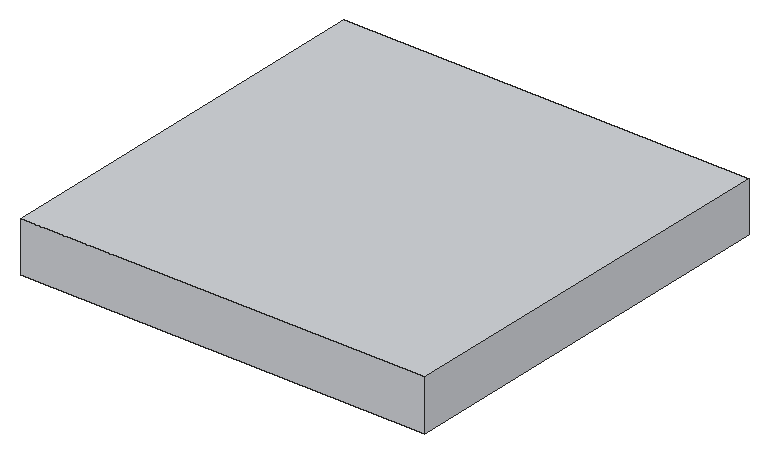
Revit family "Sanitary_Dispensers_DELABIE_512066S-Wall-mounted-electronic-liquid-s", category Modèles génériques, Revit 2018
Family settings
  Hôte = Face
  Peut héberger une armature = Non
  Cote de connecteur circulaire = Utiliser le diamètre
  Type d'élément = Normal
  Couper avec des vides une fois chargée = Non
  Partagée = Non
  Point de calcul de pièce = Non
Parameters
  Default Elevation = 1219.2 mm
Reference planes
  plane 1 "Centre (avant/arrière)": y = 0
  plane 2: z = 0
  plane 3 "Centre (gauche/droite)": x = 0
Forms (mm)
  Extrusion 1, solid
    sketch origin (0, 0, 0) x (1, 0, 0) y (0, 1, 0)
      loop
        line (-1219.2, 1219.2) -> (-1219.2, -1219.2) -> (1219.2, -1219.2) -> (1219.2, 1219.2) -> (-1219.2, 1219.2)
    from 0 to -304.8
Dimensions and locks
  aligned and locked: plane 2 to Extrusion 1
  aligned and locked: level to Extrusion 1
Nested families
  nested 1: "Sanitary_Dispensers_DELABIE_512066S-Wall-mounted-electronic-liquid-s" at (0, 0, 0), type "Default"
Definition of nested family "Sanitary_Dispensers_DELABIE_512066S-Wall-mounted-electronic-liquid-s"
  Parameters (values of type "Default")
    Youtube clip = ""
    Uniformat II Description = ""
    Uniformat II Code = ""
    Uniclass 2015 Name = "Sanitary accessories"
    Uniclass 2015 Code = "Pr_40_20_76"
    Uniclass 2.0 Description = ""
    Uniclass 2.0 Code = ""
    Uniclass 1.4 Description = ""
    Uniclass 1.4 Code = ""
    UNSPSC Code = "301815"
    Technical description = "https://www.delabie.com/products/512066s"
    Region South America = "AR, BO, BR, CL, CO, EC, FK, GF, GY, PE, PY, SR, UY, VE"
    Region Oceania = "AU, FJ, NC, NZ, PG, SB, TL, VU"
    Region North America = "BS, BZ, CA, CR, CU, DO, GL, GT, HN, HT, JM, MX, NI, PA, PR, SV, TT, US"
    Region Middle East = "AE, AF, EG, IL, IQ, IR, JO, KW, LB, OM, PS, QA, SA, SY, TR, YE"
    Region Europe = "AL, AT, BA, BE, BG, BY, CH, CY, CZ, DE, DK, EE, ES, FI, FR, GB, GR, HR, HU, IE, IS, IT, LT, LU, LV, MD, ME, MK, NL, NO, PL, PT, RO, RS, RU, SE, SI, SJ, SK, UA"
    Region Asia = "AM, AZ, BD, BN, BT, CN, GE, ID, IN, JP, KG, KH, KP, KR, KZ, LA, LK, MM, MN, MY, NP, PH, PK, TH, TJ, TM, TW, UZ, VN"
    Region Antarctica = "TF"
    Region Africa = "AO, BF, BI, BJ, BW, CD, CF, CG, CI, CM, DJ, DZ, EH, ER, ET, GA, GH, GM, GN, GQ, GW, KE, LR, LS, LY, MA, MG, ML, MR, MW, MZ, NA, NE, NG, RW, SD, SL, SN, SO, SS, SZ, TD, TG, TN, TZ, UG, ZA, ZM, ZW"
    QR code = "http://bimobject.com/delabie/product/512066S"
    Product url = "https://www.delabie.com/products/512066s"
    Product name = "512066S Wall mounted electronic liquid soap dispenser"
    Product group = "Accessories"
    Product family = "Sanitary"
    Product data url = "https://bimobject.com/delabie/product/512066S"
    Product certification = "https://www.delabie.com/products/512066s"
    Product SKU = "512066S"
    Product Guid = "edd68e26-4b13-4463-9bd5-51aa9464459d"
    OmniClass Description = "Hand Soap Dispensers"
    OmniClass Code = "23-31 25 29 13"
    NBS Reference Description = ""
    NBS Reference Code = ""
    Material secondary = ""
    Material main = "Stainless steel"
    Masterformat 2014 Description = ""
    Masterformat 2014 Code = ""
    Manufacturer name = "DELABIE"
    Manufacturer country = ""
    Installation instructions = "https://www.delabie.com/products/512066s"
    IFC Classification = "Furnishing Element"
    GTIN code = "https://3456330180108"
    Edition number = 1
    Design country = "France"
    Date of publishing = ""
    COBIe Type Category = ""
    Brand url = "http://www.delabie.com"
    BOS_1_Visibility = yes
    BOS_1_Material = none
    BOS_0_Visibility = yes
    BOS_0_Material = none
    BIMobject main category code = "sanitary"
    BIMobject main category = "Sanitary"
    BIMobject category code = "sanitary-dispensers"
    BIMobject category = "Dispensers"
  Reference planes
    plane 1 "Center (Front/Back)": y = 0
    plane 2: z = 0
    plane 3 "Center (Left/Right)": x = 0
  Dimensions and locks
    aligned and locked: level to plane 2
  Imported bodies without a history: 1
